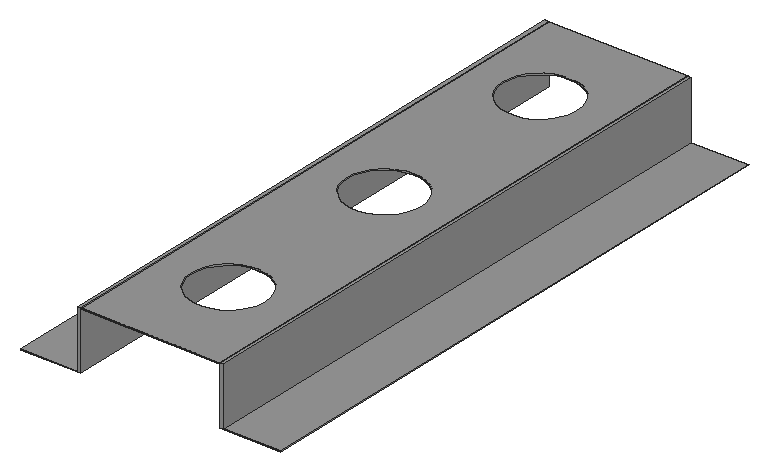
Revit family "OKA-G Kanaleinheit für GESR9, Höhe 40-240mm", category Generic Models, Revit 2015
Parameters (values of type "OKA-G60040240DR9")
  Width = 600 mm
  URL = "http://www.obo-bettermann.com"
  Material = Steel, Galvanized
  Manufacturer Art. No. = "7424264"
  Manufacturer = "OBO Bettermann"
  Length [instance] = 2400 mm
  HeightCalc [instance] = if(Height < 40 mm, 40 mm, (if(Height > 240 mm, 240 mm, Height)))  # 240 mm
  Height [instance] = 240 mm
  GTIN = "4012195243786\r\n\r\n4012195243700\r\n4012195243700"
  Cut's number = 3
  Article Type = "OKA-G60040240DR9\r\n\r\nOKA-G60040240DR9\r\nOKA-G60040240DR9"
Types (4, lengths in mm): name | Width | Manufacturer Art. No. | GTIN | Article Type
  (no name) | 600 | "7424264" | "4012195243786\r\n\r\n4012195243700\r\n4012195243700" | "OKA-G60040240DR9\r\n\r\nOKA-G60040240DR9\r\nOKA-G60040240DR9"
  OKA-G40040240DR9 | 400 | "7424260\r\n\r\n7424260\r\n\r\n7424260\r\n\r\n7424260\r\n\r\n7424260\r\n\r\n7424260\r\n\r\n7424260\r\n7424260" | "4012195243762" | "OKA-G40040240DR9"
  OKA-G50040240DR9 | 500 | "7424262" | "4012195243779" | "OKA-G50040240DR9"
  OKA-G60040240DR9 | 600 | "7424264" | "4012195243786\r\n\r\n4012195243700\r\n4012195243700" | "OKA-G60040240DR9\r\n\r\nOKA-G60040240DR9\r\nOKA-G60040240DR9"
Reference planes
  plane 1 "Center (Front/Back)": y = 0
  plane 2: z = 0
  plane 3 "Center (Left/Right)": x = 0
  plane 4: z = 240
  plane 5: y = -2400
  plane 6: x = 300
  plane 7: x = -300
Forms (mm)
  Extrusion 1, solid, material "Aluminum 6061"
    sketch origin (0, 0, 0) x (1, 0, 0) y (0, 0, 1)
      loop
        line (285, 240) -> (285, 0) -> (535, 0) -> (535, 1) -> (300, 1) -> (300, 240) -> (285, 240)
      loop
        line (-300, 1) -> (-535, 1) -> (-535, 0) -> (-285, 0) -> (-285, 240) -> (-300, 240) -> (-300, 1)
    from 0 to 2400
  Extrusion 2, solid, material "Steel, Galvanized" <- "Material"
    sketch origin (0, 0, 0) x (1, 0, 0) y (0, 0, 1)
      loop
        line (285, 236) -> (285, 240) -> (-285, 240) -> (-285, 236) -> (285, 236)
    from 0 to 2400
  Extrusion 3, void
    sketch origin (0, 0, 0) x (1, 0, 0) y (0, 1, 0)
      loop
        circle (0, -2000) r 152.5
    from 0 to 250
  Extrusion 4, void
    sketch origin (0, 800, 0) x (1, 0, 0) y (0, 1, 0)
      loop
        circle (0, -2000) r 152.5
    from 0 to 250
  Extrusion 5, void
    sketch origin (0, 1600, 0) x (1, 0, 0) y (0, 1, 0)
      loop
        circle (0, -2000) r 152.5
    from 0 to 250
Cuts and joins
  Extrusion 3, Extrusion 4, Extrusion 5 cuts Extrusion 2
Lines and regions (mm)
  model lines
    curve 1: line (-300, 0, 240) -> (-285, 0, 240)
    curve 2: line (-285, 0, 240) -> (-285, 0, 0)
    curve 3: line (-285, 0, 0) -> (-535, 0, 0)
    curve 4: line (-535, 0, 0) -> (-535, 0, 1)
    curve 5: line (-535, 0, 1) -> (-300, 0, 1)
    curve 6: line (-300, 0, 1) -> (-300, 0, 240)
    curve 7: line (285, 0, 240) -> (285, 0, 0)
    curve 8: line (285, 0, 0) -> (535, 0, 0)
    curve 9: line (535, 0, 0) -> (535, 0, 1)
    curve 10: line (535, 0, 1) -> (300, 0, 1)
    curve 11: line (300, 0, 1) -> (300, 0, 240)
    curve 12: line (300, 0, 240) -> (285, 0, 240)
    curve 13: line (285, 0, 240) -> (285, 0, 0)
    curve 14: line (-285, 0, 0) -> (-285, 0, 240)
    curve 15: line (-285, 0, 240) -> (285, 0, 240)
    curve 16: line (-285, 0, 236) -> (285, 0, 236)
Dimensions and locks
  locked: curve 5 to curve 3 at 1
  locked: curve 2 to curve 6 at 15
  locked: curve 10 to curve 8 at 1
  locked: curve 2 to curve 4 at 250
  locked: curve 9 to curve 7 at 250
  locked: curve 11 to curve 7 at 15
  "Length": plane 1 "Center (Front/Back)" to plane 5
  equal spacing: plane 7, plane 3 "Center (Left/Right)", plane 6
  "Width": plane 7 to plane 6
  "HeightCalc": level to plane 4
  locked: curve 16 to curve 15 at 4
  equal spacing: group 1, group 2, group 3  (x3)
  aligned and locked: level to plane 2
  aligned and locked: level to curve 3
  aligned and locked: curve 6 to plane 7
  aligned and locked: curve 11 to plane 6
  aligned and locked: plane 4 to curve 1
  aligned and locked: curve 8 to level
  aligned and locked: Extrusion 1 sketch curve to curve 13
  aligned and locked: Extrusion 1 sketch curve to curve 12
  aligned and locked: Extrusion 1 sketch curve to curve 11
  aligned and locked: Extrusion 1 sketch curve to curve 10
  aligned and locked: Extrusion 1 sketch curve to curve 9
  aligned and locked: Extrusion 1 sketch curve to curve 8
  aligned and locked: Extrusion 1 sketch curve to curve 6
  aligned and locked: Extrusion 1 sketch curve to curve 14
  aligned and locked: Extrusion 1 sketch curve to curve 1
  aligned and locked: Extrusion 1 sketch curve to curve 5
  aligned and locked: Extrusion 1 sketch curve to curve 3
  aligned and locked: Extrusion 1 sketch curve to curve 4
  aligned and locked: Extrusion 1 to plane 5
  aligned and locked: Extrusion 2 sketch curve to curve 16
  aligned and locked: Extrusion 2 sketch curve to curve 15
  aligned and locked: Extrusion 2 sketch curve to curve 2
  aligned and locked: Extrusion 2 sketch curve to curve 7
  aligned and locked: Extrusion 2 to plane 5
Automatic sketch dimensions
  radius of Extrusion 3 sketch curve = 152.5 mm
  radius of Extrusion 4 sketch curve = 152.5 mm
  radius of Extrusion 5 sketch curve = 152.5 mm
